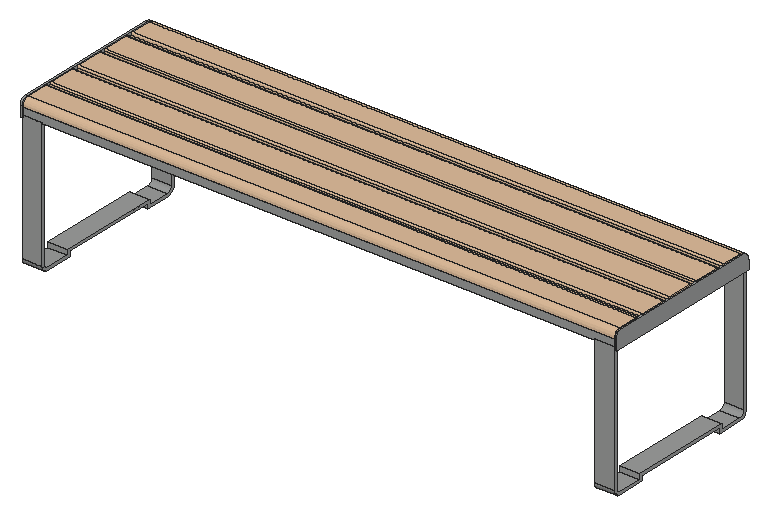
Revit family "1208-S-L", category Meble, Revit 2021
Family settings
  Numer OmniClass = 23.40.20.00
  Tytuł OmniClass = General Furniture and Specialties
  Oparty na płaszczyźnie roboczej = Nie
  Zawsze pionowo = Tak
  Tnij formami wycięć po wczytaniu = Nie
  Współdzielony = Nie
  Punkt obliczania pomieszczeń = Nie
Parameters (values of type "1208-S-L")
  wood = Mobilis Design Wood - Larch
  metal = Mobilis Design RAL 9023
  Width = "50 cm"
  Weight = "40 kg"
  URL = ""
  Product line = "Tucana"
  Product Groups = ""
  Manufacturer = ""
  Keynote = ""
  Description = ""
  Model = "1208-S-L"
  Material = ""
  Maintenance = ""
  Lenght = "180 cm"
  Type Comments = ""
  Mobilis Design Materials = ""
  Hosted on = ""
  Height = "45 cm"
  Domyślna rzędna = 0 mm
  Copyright = "All designs and drawings are the common intellectual property of Lars Laj A/S and Tress and are protected by Danish and international copyright laws."
Reference planes
  plane 1 "front": y = 0
  plane 2: z = 0
  plane 3 "Środek (Lewa/Prawa)": x = 0
Forms (mm)
  Extrusion 1, solid, material "Mobilis Design Wood - Larch" <- "wood"
    sketch origin (0, -289.491, 21.46) x (0, 1, 0) y (0, 0, 1)
      loop
        arc (260.118, 430.04) -> (256.583, 428.576) -> (255.118, 425.04) r 5
        line (255.118, 425.04) -> (255.118, 388.972)
        arc (255.118, 388.972) -> (255.693, 387.586) -> (257.078, 387.012) r 1.96
        line (257.078, 387.012) -> (342.493, 387.012)
        arc (342.493, 387.012) -> (343.908, 387.598) -> (344.493, 389.012) r 2
        line (344.493, 389.012) -> (344.493, 425.04)
        arc (344.493, 425.04) -> (343.029, 428.576) -> (339.493, 430.04) r 5
        line (339.493, 430.04) -> (260.118, 430.04)
    from -895 to 895
  Extrusion 2, solid, material "Mobilis Design Wood - Larch" <- "wood"
    sketch origin (0, -391.941, 21.46) x (0, 1, 0) y (0, 0, 1)
      loop
        arc (260.118, 430.04) -> (256.583, 428.576) -> (255.118, 425.04) r 5
        line (255.118, 425.04) -> (255.118, 388.972)
        arc (255.118, 388.972) -> (255.693, 387.586) -> (257.078, 387.012) r 1.96
        line (257.078, 387.012) -> (342.493, 387.012)
        arc (342.493, 387.012) -> (343.908, 387.598) -> (344.493, 389.012) r 2
        line (344.493, 389.012) -> (344.493, 425.04)
        arc (344.493, 425.04) -> (343.029, 428.576) -> (339.493, 430.04) r 5
        line (339.493, 430.04) -> (260.118, 430.04)
    from -895 to 895
  Extrusion 3, solid, material "Mobilis Design Wood - Larch" <- "wood"
    sketch origin (0, -494.128, 21.46) x (0, 1, 0) y (0, 0, 1)
      loop
        arc (275.801, 430.04) -> (261.497, 424.045) -> (255.743, 409.642) r 20.061
        line (255.743, 409.642) -> (258.916, 409.642) -> (258.916, 387.013) -> (343.118, 387.013)
        arc (343.118, 387.013) -> (344.532, 387.598) -> (345.117, 389.012) r 1.999
        line (345.117, 389.012) -> (345.117, 425.043)
        arc (345.117, 425.043) -> (343.653, 428.577) -> (340.119, 430.04) r 4.998
        line (340.119, 430.04) -> (275.801, 430.04)
    from -895 to 895
  Extrusion 4, solid, material "Mobilis Design Wood - Larch" <- "wood"
    sketch origin (0, -186.941, 22.625) x (0, 1, 0) y (0, 0, 1)
      loop
        arc (260.118, 428.875) -> (256.583, 427.411) -> (255.118, 423.875) r 5
        line (255.118, 423.875) -> (255.118, 387.807)
        arc (255.118, 387.807) -> (255.693, 386.421) -> (257.078, 385.847) r 1.96
        line (257.078, 385.847) -> (342.493, 385.847)
        arc (342.493, 385.847) -> (343.908, 386.433) -> (344.493, 387.847) r 2
        line (344.493, 387.847) -> (344.493, 423.875)
        arc (344.493, 423.875) -> (343.029, 427.411) -> (339.493, 428.875) r 5
        line (339.493, 428.875) -> (260.118, 428.875)
    from -895 to 895
  Extrusion 5, solid, material "Mobilis Design RAL 9023" <- "metal", not visible
    sketch origin (0, 0, 0) x (0, 1, 0) y (0, 0, 1)
      loop
        arc (71.187, 451.5) -> (57.045, 445.642) -> (51.187, 431.5) r 20
        line (51.187, 431.5) -> (51.187, 18.231)
        arc (51.187, 18.231) -> (56.527, 5.34) -> (69.418, 0) r 18.231
        line (69.418, 0) -> (153.638, 0) -> (153.638, 15) -> (448.638, 15) -> (448.638, 0) -> (527.023, 0)
        arc (527.023, 0) -> (542.307, 6.331) -> (548.638, 21.615) r 21.615
        line (548.638, 21.615) -> (548.638, 429.407)
        arc (548.638, 429.407) -> (542.168, 445.029) -> (526.545, 451.5) r 22.093
        line (526.545, 451.5) -> (71.187, 451.5)
    from 750.378 to 745
  Extrusion 6, solid, material "Mobilis Design RAL 9023" <- "metal", not visible
    sketch origin (0, 0, 0) x (0, 1, 0) y (0, 0, 1)
      loop
        line (548.638, 396.844) -> (629.375, 854.725) -> (601.836, 859.581)
        arc (601.836, 859.581) -> (585.224, 855.898) -> (576.082, 841.547) r 22.232
        line (576.082, 841.547) -> (507.306, 451.5) -> (526.545, 451.5)
        arc (526.545, 451.5) -> (542.168, 445.029) -> (548.638, 429.407) r 22.093
        line (548.638, 429.407) -> (548.638, 396.844)
    from 745 to 750.378
  Extrusion 7, solid, material "Mobilis Design RAL 9023" <- "metal"
    sketch origin (0, -289.461, 0) x (0, -1, 0) y (0, 0, 1)
      loop
        line (-71.187, 451.5) -> (-526.545, 451.5)
        arc (-526.545, 451.5) -> (-542.168, 445.029) -> (-548.638, 429.407) r 22.093
        line (-548.638, 429.407) -> (-548.638, 400.262) -> (-51.187, 400.262) -> (-51.187, 431.5)
        arc (-51.187, 431.5) -> (-57.045, 445.642) -> (-71.187, 451.5) r 20
    from 901.303 to 895
  Extrusion 8, solid, material "Mobilis Design RAL 9023" <- "metal"
    sketch origin (0, -289.461, 0) x (0, 1, 0) y (0, 0, 1)
      loop
        line (548.638, 23.296) -> (548.638, 408.472) -> (51.187, 408.472) -> (51.187, 18.763)
        arc (51.187, 18.763) -> (56.683, 5.495) -> (69.95, 0) r 18.763
        line (69.95, 0) -> (153.638, 0) -> (153.638, 15) -> (448.638, 15) -> (448.638, 0) -> (525.342, 0)
        arc (525.342, 0) -> (541.815, 6.823) -> (548.638, 23.296) r 23.296
      loop
        line (58.687, 400.262) -> (58.687, 18.763)
        arc (58.687, 18.763) -> (61.986, 10.799) -> (69.95, 7.5) r 11.263
        line (69.95, 7.5) -> (146.138, 7.5) -> (146.138, 22.5) -> (456.138, 22.5) -> (456.138, 7.5) -> (525.342, 7.5)
        arc (525.342, 7.5) -> (536.512, 12.127) -> (541.138, 23.296) r 15.796
        line (541.138, 23.296) -> (541.138, 400.262) -> (58.687, 400.262)
    from -895 to -835
  Extrusion 9, solid, material "Mobilis Design RAL 9023" <- "metal"
    sketch origin (0, -289.461, 0) x (0, 1, 0) y (0, 0, 1)
      loop
        line (527.02, 408.472) -> (72.53, 408.472) -> (72.53, 405.57) -> (527.02, 405.57) -> (527.02, 408.472)
    from -257.095 to -316.866
  Extrusion 10, solid, material "Mobilis Design RAL 9023" <- "metal"
    sketch origin (0, -289.461, 0) x (0, 1, 0) y (0, 0, -1)
      loop
        line (527.02, -408.472) -> (527.02, -405.57) -> (72.53, -405.57) -> (72.53, -408.472) -> (527.02, -408.472)
    from -255.616 to -315.616
  Extrusion 11, solid, material "Mobilis Design RAL 9023" <- "metal"
    sketch origin (0, -289.461, 0) x (0, 1, 0) y (0, 0, 1)
      loop
        line (53.936, 431.102) -> (51.187, 431.102) -> (51.187, 405.57) -> (72.53, 405.57) -> (72.53, 408.472) -> (53.936, 408.472) -> (53.936, 431.102)
    from -895 to 895
  Extrusion 12, solid, material "Mobilis Design Wood - Larch" <- "wood"
    sketch origin (0, 514.543, 21.46) x (0, -1, 0) y (0, 0, -1)
      loop
        line (275.801, -430.04) -> (340.119, -430.04)
        arc (340.119, -430.04) -> (343.653, -428.577) -> (345.117, -425.043) r 4.998
        line (345.117, -425.043) -> (345.117, -389.012)
        arc (345.117, -389.012) -> (344.532, -387.598) -> (343.118, -387.013) r 1.999
        line (343.118, -387.013) -> (258.705, -387.013) -> (258.705, -409.642) -> (255.743, -409.642)
        arc (255.743, -409.642) -> (261.497, -424.045) -> (275.801, -430.04) r 20.061
    from -895 to 895
  Extrusion 13, solid, material "Mobilis Design RAL 9023" <- "metal"
    sketch origin (0, -289.461, 0) x (0, 1, 0) y (0, 0, -1)
      loop
        arc (548.638, -23.296) -> (541.815, -6.823) -> (525.342, 0) r 23.296
        line (525.342, 0) -> (448.638, 0) -> (448.638, -15) -> (153.638, -15) -> (153.638, 0) -> (69.95, 0)
        arc (69.95, 0) -> (56.683, -5.495) -> (51.187, -18.763) r 18.763
        line (51.187, -18.763) -> (51.187, -408.472) -> (548.638, -408.472) -> (548.638, -23.296)
      loop
        line (58.687, -400.262) -> (541.138, -400.262) -> (541.138, -23.296)
        arc (541.138, -23.296) -> (536.512, -12.127) -> (525.342, -7.5) r 15.796
        line (525.342, -7.5) -> (456.138, -7.5) -> (456.138, -22.5) -> (146.138, -22.5) -> (146.138, -7.5) -> (69.95, -7.5)
        arc (69.95, -7.5) -> (61.986, -10.799) -> (58.687, -18.763) r 11.263
        line (58.687, -18.763) -> (58.687, -400.262)
    from -895 to -835
  Extrusion 14, solid, material "Mobilis Design RAL 9023" <- "metal"
    sketch origin (0, 310.09, 0) x (0, -1, 0) y (0, 0, -1)
      loop
        line (53.936, -431.102) -> (53.936, -408.472) -> (72.53, -408.472) -> (72.53, -405.57) -> (51.187, -405.57) -> (51.187, -431.102) -> (53.936, -431.102)
    from -895 to 895
  Extrusion 15, solid, material "Mobilis Design RAL 9023" <- "metal"
    sketch origin (0, -289.461, 0) x (0, -1, 0) y (0, 0, -1)
      loop
        arc (-71.187, -451.5) -> (-57.045, -445.642) -> (-51.187, -431.5) r 20
        line (-51.187, -431.5) -> (-51.187, -400.262) -> (-548.638, -400.262) -> (-548.638, -429.407)
        arc (-548.638, -429.407) -> (-542.168, -445.029) -> (-526.545, -451.5) r 22.093
        line (-526.545, -451.5) -> (-71.187, -451.5)
    from 901.303 to 895
Dimensions and locks
  Extrusion 1 sketch curve to Extrusion 1 sketch curve = 89.375 mm
  Extrusion 1 sketch curve to Extrusion 1 sketch curve = 43.028 mm
  Extrusion 2 sketch curve to Extrusion 2 sketch curve = 89.375 mm
  Extrusion 2 sketch curve to Extrusion 2 sketch curve = 43.028 mm
  Extrusion 3 sketch curve to Extrusion 3 sketch curve = 43.028 mm
  Extrusion 4 sketch curve to Extrusion 4 sketch curve = 89.375 mm
  Extrusion 4 sketch curve to Extrusion 4 sketch curve = 43.028 mm
  Extrusion 12 sketch curve to Extrusion 12 sketch curve = 43.028 mm
  aligned and locked: level to plane 2
